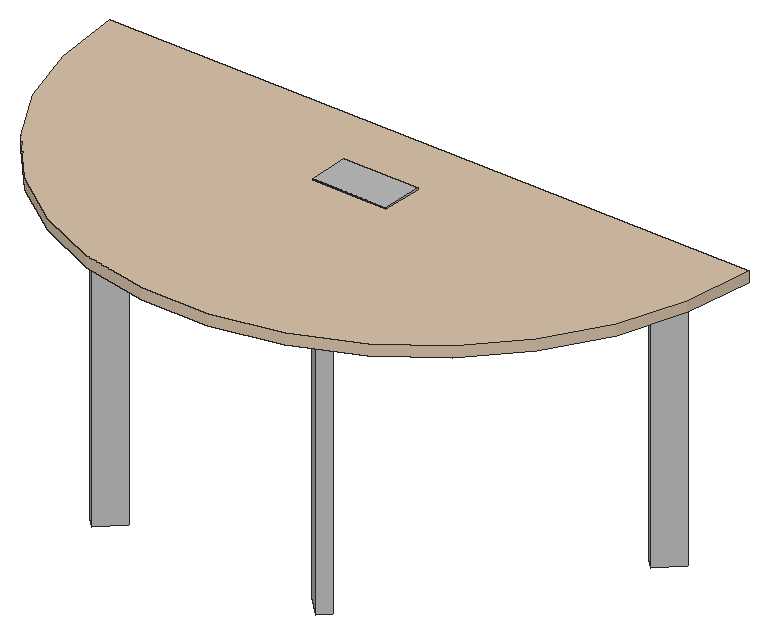
Revit family "Haworth_Planes_ConferenceTable_HalfRound", category Furniture Systems, Revit 2018
Family settings
  Round Connector Dimension = Use Diameter
  Part Type = Normal
  OmniClass Number = 23.40.70.14.64.21
  OmniClass Title = Systems Furniture
  Work Plane-Based = No
  Always vertical = Yes
  Cut with Voids When Loaded = No
  Shared = No
  Room Calculation Point = No
Parameters (values of type "72w 36d")
  Warranty = "http://www.haworth.com/resources/product-info/warranties"
  URL - Product = "https://www.haworth.com/products/tables/conference/planes"
  Table Finish [instance] = Haworth _ Laminate _ Maple H-AE
  Table Edge Finish [instance] = Haworth _ Laminate _ Maple H-AE
  Sustainability Info = "https://www.haworth.com/company-info/sustainability"
  Support Spacing Front = if(Large, 12", 9 1/2")  # 12"
  Opening Single Wide = no
  Opening Single = not(Opening Single Wide)  # yes
  Large = yes
  Knife Edge = not(Edgeband)  # no
  Flip Top Width = Cutout Width + 5/16"  # 8 5/16"
  Flip Top Finish = Haworth _ Paint _ Metallic Champagne
  Flip Top Depth = Cutout Depth + 7/16"  # 4 7/16"
  Edgeband = yes
  Model = "TAHN"  # constant formula
  Leg Finish [instance] = Haworth _ Paint _ Metallic Champagne
  Flip Top = yes
  Description = "Haworth - Planes Conference Table - Half-Round"  # constant formula
  Cutout Width = if(Opening Single Wide, 11", 8")  # 8"
  Cutout Depth = 4"  # constant formula
  Cutout Centerline = 9"  # constant formula
  Cutout = yes
  URL = "www.haworth.com"
  Table Thickness = 1 3/16"  # constant formula
  Support Spacing Back = 5"  # constant formula
  Size = "Verify Final Dim. w/ Haworth"  # constant formula
  Revision Number = "1"  # constant formula
  Min/Max Width = "60, 72 in."  # constant formula
  Min/Max Depth = "30, 36 in."  # constant formula
  Manufacturer = "Haworth"  # constant formula
  Leg Height = Actual Height - Table Thickness  # 27 13/16"
  Author = "Haworth (Alias)"  # constant formula
  Assembly Code = "E2020200"
  Actual Width = if(Large, 72", 60")  # 72"
  Actual Height = 29"  # constant formula
  Actual Depth = if(Large, 36", 30")  # 36"
Types (2): name | Sustainability Info | Support Spacing Front | Large | Actual Width | Actual Depth
  72w 36d | "https://www.haworth.com/company-info/sustainability" | 12" | yes | 72" | 36"
  60w 30d | "http://www.haworth.com/company-info/sustainablility" | 9 1/2" | no | 60" | 30"
Reference planes (in)
  plane 1 "Center F/B": y = 0
  plane 2: z = 0
  plane 3 "Center L/R": x = 0
  plane 4 "Table Edge Left": x = -36
  plane 5 "Table Edge Right": x = 36
  plane 6 "Table Edge Front": y = 18
  plane 7 "Table Edge Back": y = -18
  plane 8 "Table Leg Left": x = -31
  plane 9 "Table Leg Right": x = 31
  plane 10 "Top": z = 29
  plane 11: y = 9
  plane 12: x = -12
  plane 13: x = 12
  plane 14 "Leg Back": y = 13
  plane 15 "Leg Front": y = -12
Dimensions and locks (in)
  "Support Spacing Back": plane 4 "Table Edge Left" to plane 8 "Table Leg Left"
  "Support Spacing Back": plane 9 "Table Leg Right" to plane 5 "Table Edge Right"
  "Actual Width": plane 4 "Table Edge Left" to plane 5 "Table Edge Right"
  equal spacing: plane 4 "Table Edge Left", plane 3 "Center L/R", plane 5 "Table Edge Right"
  "Actual Depth": plane 6 "Table Edge Front" to plane 7 "Table Edge Back"
  equal spacing: plane 6 "Table Edge Front", plane 1 "Center F/B", plane 7 "Table Edge Back"
  "Actual Height": plane 10 "Top" to level
  "Cutout Centerline": plane 11 to plane 6 "Table Edge Front"
  "Support Spacing Front": plane 3 "Center L/R" to plane 13
  "Support Spacing Front": plane 12 to plane 3 "Center L/R"
  locked: plane 14 "Leg Back" to plane 6 "Table Edge Front" at 5
  locked: plane 15 "Leg Front" to plane 7 "Table Edge Back" at 6
  aligned and locked: plane 3 "Center L/R" to nested 1
  aligned and locked: plane 11 to nested 1
  aligned and locked: plane 2 to nested 2
  aligned and locked: nested 2 to plane 1 "Center F/B"
  aligned and locked: nested 2 to plane 3 "Center L/R"
  aligned and locked: nested 3 to plane 2
  aligned and locked: nested 4 to plane 2
  aligned and locked: nested 5 to plane 2
  aligned and locked: nested 6 to plane 2
  aligned and locked: plane 8 "Table Leg Left" to nested 3
  aligned and locked: nested 3 to plane 14 "Leg Back"
  aligned and locked: plane 9 "Table Leg Right" to nested 6
  aligned and locked: plane 14 "Leg Back" to nested 6
  aligned and locked: plane 13 to nested 5
  aligned and locked: plane 15 "Leg Front" to nested 5
  aligned and locked: nested 4 to plane 12
  aligned and locked: nested 4 to plane 15 "Leg Front"
  aligned and locked: plane 10 "Top" to nested 1
Nested families (in)
  nested 1: "Haworth_Worksurface_FlipTop_Unit_Part" at (-0.57037, 8.94751, 29), visible <- "Flip Top", type "Single Sided"
    with Actual Width 8 5/16", Actual Depth 4 7/16"
  nested 2: "Haworth_Planes_Conference_Worksurface_HalfRound_Part" at (0, 15, 0) x (-1, 0, 0) z (0, 0, 1), type "Worksurface"
    with Knife Edge no
  nested 3: "Haworth_Planes-Interior-Leg" at (-52.23931, 4.5, 0) x (0, 1, 0) z (0, 0, 1), type "Middle Support"
    with Support Post Standard no, Support Post 45 Degree yes
  nested 4: "Haworth_Planes-Interior-Leg" at (-20.5, 9.23931, 0), type "Middle Support"
    with Support Post Standard no, Support Post 45 Degree yes
  nested 5: "Haworth_Planes-Interior-Leg" at (-9.23931, -20.5, 0) x (0, 1, 0) z (0, 0, 1), type "Middle Support"
    with Support Post Standard no, Support Post 45 Degree yes
  nested 6: "Haworth_Planes-Interior-Leg" at (22.5, 34.23931, 0), type "Middle Support"
    with Support Post Standard no, Support Post 45 Degree yes
Definition of nested family "Haworth_Worksurface_FlipTop_Unit_Part"
  Parameters (values of type "Single Sided")
    Warranty = "www.haworth.com/en-us/Products/Pages/Certifications.aspx"
    URL - Product = "www.haworth.com/en-us/Products/Furniture/Systems/Desking-Systems/Pages/Compose.aspx"
    URL = "www.haworth.com"
    Sustainability Info = "www.haworth.com/en-us/About-Us/Sustainability/Pages/Vision.aspx"
    Size = "Verify Final Dim. w/ Haworth"  # constant formula
    Revision Number = "2"  # constant formula
    Model = "Haworth_Worksurface-Flip_Top_Unit"  # constant formula
    Manufacturer = "Haworth"  # constant formula
    LEED Data = "www.haworth.com/_layouts/Haworth.ProductCatalog/Handlers/GetAsset.ashx/ComposeLEEDContributions.pdf?cid=27&rid=1824&type=Leed"
    Flip Top Finish = none
    Description = "Haworth Worksurface-Flip Top Unit - Part"
    Default Elevation = 48"
    Author = "SHAPE Environments, LLC"  # constant formula
    Assembly Code = "E2020200"
    Actual Width = 8 1/4"
    Actual Depth = 4 3/8"
  Reference planes (in)
    plane 1 "Center F/B": y = 0.05249
    plane 2: z = 0
    plane 3 "Center L/R": x = 0.57037
    plane 4 "Back": y = 2.23999
    plane 5 "Right": x = 4.69537
    plane 6 "Front": y = -2.13501
    plane 7 "Left": x = -3.55463
    plane 8 "Table Height": z = 0
  Forms (in)
    Extrusion 1, solid, material <- "Flip Top Finish"
      sketch origin (0, 0, 0) x (-1, 0, 0) y (0, -1, 0)
        loop
          line (3.55463, -2.23999) -> (3.55463, 2.13501) -> (-4.69537, 2.13501) -> (-4.69537, -2.23999) -> (3.55463, -2.23999)
      from 0 to 0.125
    Extrusion 2, solid, material <- "Flip Top Finish"
      sketch origin (0, 0, 0) x (-1, 0, 0) y (0, -1, 0)
        loop
          line (3.42963, -2.05249) -> (3.42963, 1.94751) -> (-4.57037, 1.94751) -> (-4.57037, -2.05249) -> (3.42963, -2.05249)
      from 0 to -2.75
  Cuts and joins
    joined: Extrusion 1, Extrusion 2
  Lines and regions (in)
    Masking region 1
      outline origin (0, 0, 0) x (1, 0, 0) y (0, 1, 0)
        loop
          line (-3.55463, 2.23999) -> (-3.55463, -2.13501) -> (4.69537, -2.13501) -> (4.69537, 2.23999) -> (-3.55463, 2.23999)
  Dimensions and locks (in)
    equal spacing: plane 7 "Left", plane 3 "Center L/R", plane 5 "Right"
    "Actual Width": plane 7 "Left" to plane 5 "Right"
    equal spacing: plane 6 "Front", plane 1 "Center F/B", plane 4 "Back"
    "Actual Depth": plane 4 "Back" to plane 6 "Front"
    plane 7 "Left" to Extrusion 2 sketch curve = 1/8"
    plane 4 "Back" to Extrusion 2 sketch curve = 3/16"
    Extrusion 2 sketch curve to plane 5 "Right" = 1/8"
    Extrusion 2 sketch curve to plane 6 "Front" = 3/16"
    locked: plane 8 "Table Height" to level
    aligned and locked: plane 7 "Left" to Extrusion 1 sketch curve
    aligned and locked: Extrusion 1 sketch curve to plane 4 "Back"
    aligned and locked: plane 6 "Front" to Extrusion 1 sketch curve
    aligned and locked: Extrusion 1 sketch curve to plane 5 "Right"
    aligned and locked: Masking region 1 sketch curve to cut or joined group of Extrusion 1, Extrusion 2  (x3)
    aligned and locked: cut or joined group of Extrusion 1, Extrusion 2 to Masking region 1 sketch curve
Definition of nested family "Haworth_Planes_Conference_Worksurface_HalfRound_Part"
  Parameters (values of type "Worksurface")
    Warranty = "https://www.haworth.com/resources/product-info/warranties"
    URL - Product = "https://www.haworth.com/products/tables/conference/planes"
    URL = "www.haworth.com"
    Table Thickness = 1 3/16"
    Table Finish = none
    Table Edge Finish = none
    Revision Number = ""
    Note = "Verify Final Dim. w/ Haworth"  # constant formula
    Model = "Haworth Planes"  # constant formula
    Manufacturer = "Haworth"  # constant formula
    Knife Edge = yes
    Edgeband = yes
    Cutout Width = 8"
    Cutout Dimension = if(Cutout, 3", 1")  # 3"
    Cutout Depth = 4"
    Cutout Centerline = 9"
    Cutout = yes
    Author = "SHAPE Environments, LLC"  # constant formula
    Assembly Code = ""
    Actual Width = 72"
    Actual Height = 29"
    Actual Depth = 36"
  Reference planes (in)
    plane 1 "Center F/B": y = 15
    plane 2 "Bottom": z = 0
    plane 3 "Center L/R": x = 0
    plane 4 "Table Front": y = 33
    plane 5 "Table Right": x = 36
    plane 6 "Table Left": x = -36
    plane 7 "Table Back": y = -3
    plane 8 "Table Top": z = 29
    plane 9 "Table Bottom": z = 27.8125
    plane 10: y = 6
    plane 11: z = 27
    plane 12: z = 30
    plane 13 "KnifeEdge Middle": z = 28.625
  Forms (in)
    Extrusion 1, solid, material <- "Table Finish", visible <- "Edgeband"
      sketch origin (0, 0, 0) x (1, 0, 0) y (0, 1, 0)
        loop
          arc (36, -3) -> (0, 33) -> (-36, -3) r 36
          line (-36, -3) -> (36, -3)
      from 27.8125 to 29
    Extrusion 2, void
      sketch origin (0, 0, 29) x (-1, 0, 0) y (0, -1, 0)
        loop
          line (4, -8) -> (4, -4) -> (-4, -4) -> (-4, -8) -> (4, -8)
      from -2 to 1
    Extrusion 3, solid, material <- "Table Finish", visible <- "Knife Edge"
      sketch origin (0, 0, 0) x (1, 0, 0) y (0, 1, 0)
        loop
          arc (36, -3) -> (0, 33) -> (-36, -3) r 36
          line (-36, -3) -> (36, -3)
      from 28.625 to 29
    Blend 4, solid, material <- "Table Finish", visible <- "Knife Edge"
      base sketch origin (0, 0, 0) x (1, 0, 0) y (0, 1, 0)
        loop
          arc (33.94113, -1) -> (0, 31) -> (-33.94113, -1) r 34
          line (-33.94113, -1) -> (33.94113, -1)
      top sketch origin (0, 0, 0) x (1, 0, 0) y (0, 1, 0)
        loop
          arc (36, -3) -> (0, 33) -> (-36, -3) r 36
          line (-36, -3) -> (36, -3)
      from 27.8125 to 28.625
  Cuts and joins
    Extrusion 2 cuts Extrusion 1
    Extrusion 2 cuts Extrusion 3
    Extrusion 2 cuts Blend 4
  Lines and regions (in)
    Masking region 1
      outline origin (0, 0, 0) x (1, 0, 0) y (0, 1, 0)
        loop
          arc (36, -3) -> (0, 33) -> (-36, -3) r 36
          line (-36, -3) -> (36, -3)
    symbolic lines, visible <- "Cutout"
      curve 1: line (-4, 4, 0) -> (4, 4, 0)
      curve 2: line (4, 4, 0) -> (4, 8, 0)
      curve 3: line (4, 8, 0) -> (-4, 8, 0)
      curve 4: line (-4, 8, 0) -> (-4, 4, 0)
    symbolic lines, visible <- "Knife Edge", detail levels medium+fine
      curve 5: arc (-33.94113, -1, 0) -> (0, 31, 0) -> (33.94113, -1, 0) r 34
      curve 6: line (33.94113, -1, 0) -> (-33.94113, -1, 0)
  Dimensions and locks (in)
    "Actual Depth": plane 7 "Table Back" to plane 4 "Table Front"
    "Actual Width": plane 6 "Table Left" to plane 5 "Table Right"
    equal spacing: plane 6 "Table Left", plane 3 "Center L/R", plane 5 "Table Right"
    equal spacing: plane 4 "Table Front", plane 1 "Center F/B", plane 7 "Table Back"
    "Table Thickness": plane 8 "Table Top" to plane 9 "Table Bottom"
    "Actual Height": plane 8 "Table Top" to level
    "Cutout Centerline": plane 10 to plane 7 "Table Back"
    equal spacing: Extrusion 2 sketch curve, plane 3 "Center L/R", Extrusion 2 sketch curve
    "Cutout Width": Extrusion 2 sketch curve to Extrusion 2 sketch curve
    equal spacing: Extrusion 2 sketch curve, plane 10, Extrusion 2 sketch curve
    "Cutout Depth": Extrusion 2 sketch curve to Extrusion 2 sketch curve
    locked: plane 12 to plane 8 "Table Top" at 1
    "Cutout Dimension": plane 12 to plane 11
    locked: plane 8 "Table Top" to plane 13 "KnifeEdge Middle" at 0.375
    locked: plane 7 "Table Back" to Blend 4 sketch curve at 2
    locked: plane 4 "Table Front" to Blend 4 sketch curve at 2
    "Actual Depth": radius of Extrusion 1 sketch curve
    "Actual Depth": radius of Extrusion 3 sketch curve
    aligned and locked: plane 8 "Table Top" to Extrusion 1
    aligned and locked: Extrusion 1 to plane 9 "Table Bottom"
    aligned and locked: Extrusion 1 sketch curve to plane 7 "Table Back"
    aligned and locked: plane 3 "Center L/R" to Extrusion 1 sketch curve
    aligned and locked: Extrusion 2 to plane 11
    aligned and locked: plane 12 to Extrusion 2
    aligned and locked: curve 2 to Extrusion 2
    aligned and locked: curve 1 to Extrusion 2
    aligned and locked: curve 4 to Extrusion 2
    aligned and locked: curve 3 to Extrusion 2
    aligned and locked: Masking region 1 sketch curve to cut or joined group of Extrusion 1, Extrusion 2  (x2)
    aligned and locked: plane 8 "Table Top" to Extrusion 3
    aligned and locked: plane 13 "KnifeEdge Middle" to Extrusion 3
    aligned and locked: Blend 4 sketch curve to plane 7 "Table Back"
    aligned and locked: Blend 4 to plane 13 "KnifeEdge Middle"
    aligned and locked: Blend 4 to plane 9 "Table Bottom"
    aligned and locked: curve 5 to cut or joined group of Extrusion 2, Blend 4
    aligned and locked: curve 6 to cut or joined group of Extrusion 2, Blend 4
  Automatic sketch dimensions
    plane 3 "Center L/R" to Extrusion 2 sketch curve = 4"
    plane 10 to Extrusion 2 sketch curve = 2"
    Extrusion 3 sketch curve to plane 6 "Table Left" = 0"
    Extrusion 3 sketch curve to plane 7 "Table Back" = 0"
    Blend 4 sketch curve to plane 3 "Center L/R" = 0"  (x2)
    plane 7 "Table Back" to Blend 4 sketch curve = 0"
    plane 6 "Table Left" to Blend 4 sketch curve = 2.05887"
    Blend 4 sketch curve to plane 6 "Table Left" = 0"
Definition of nested family "Haworth_Planes-Interior-Leg"
  Parameters (values of type "Middle Support")
    Top Thickness = 1 3/16"
    Support Post Standard = yes
    Support Post 45 Degree = no
    Support Height = Actual Height - Top Thickness  # 27 13/16"
    Model = "Worksurface"
    Worksurface Height = 29"
    Warranty = "www.haworth.com/en-us/Products/Pages/Certifications.aspx"
    URL - Product = "www.haworth.com/en-us/Products/Furniture/Systems/Desking-Systems/Pages/Compose.aspx"
    URL = "www.haworth.com"
    Sustainability Info = "www.haworth.com/en-us/About-Us/Sustainability/Pages/Vision.aspx"
    Support Finish = none
    Size = "Verify Final Dim. w/ Haworth"  # constant formula
    Revision Number = "1"  # constant formula
    Min/Max Height = "26-32 in."  # constant formula
    Min. Height = 20"  # constant formula
    Max. Height = 48"  # constant formula
    Manufacturer = "Haworth"  # constant formula
    LEED Data = "www.haworth.com/_layouts/Haworth.ProductCatalog/Handlers/GetAsset.ashx/ComposeLEEDContributions.pdf?cid=27&rid=1824&type=Leed"
    Description = "Worksurface Support"  # constant formula
    Author = "SHAPE Environments, LLC"  # constant formula
    Assembly Code = "E2020200"
    Actual Top Thickness = if(Top Thickness > 3", 3", if(Top Thickness < 1", 1", Top Thickness))  # 1 3/16"
    Actual Height = 29"
  Reference planes (in)
    plane 1: z = 0
    plane 2 "Center L/R": x = 8.5
    plane 3 "Support Top": z = 27.8125
    plane 4 "Center F/B": y = -21.23931
  Forms (in)
    Extrusion 1, solid, material <- "Support Finish", visible <- "Support Post Standard"
      sketch origin (0, 0, 0) x (1, 0, 0) y (0, 1, 0)
        loop
          line (7.75, -22.86431) -> (9.25, -22.86431) -> (9.25, -19.61431) -> (7.75, -19.61431) -> (7.75, -22.86431)
      from 0 to 27.8125
    Extrusion 2, solid, material <- "Support Finish", visible <- "Support Post 45 Degree"
      sketch origin (17.50805, -0.21044, 0) x (0.707107, -0.707107, 0) y (0.707107, 0.707107, 0)
        loop
          line (7.75, -22.86431) -> (9.25, -22.86431) -> (9.25, -19.61431) -> (7.75, -19.61431) -> (7.75, -22.86431)
      from 0 to 27.8125
  Lines and regions (in)
    symbolic lines, visible <- "Support Post Standard", detail levels fine
      curve 1: line (7.75, -19.61431, 0) -> (9.25, -19.61431, 0)
      curve 2: line (7.75, -22.86431, 0) -> (7.75, -19.61431, 0)
      curve 3: line (9.25, -22.86431, 0) -> (7.75, -22.86431, 0)
      curve 4: line (9.25, -19.61431, 0) -> (9.25, -22.86431, 0)
    symbolic lines, visible <- "Support Post 45 Degree", detail levels fine
      curve 5: line (6.82062, -21.85803, 0) -> (9.11872, -19.55993, 0)
      curve 6: line (9.11872, -19.55993, 0) -> (10.17938, -20.62059, 0)
      curve 7: line (10.17938, -20.62059, 0) -> (7.88128, -22.91869, 0)
      curve 8: line (7.88128, -22.91869, 0) -> (6.82062, -21.85803, 0)
  Dimensions and locks (in)
    "Support Height": plane 3 "Support Top" to level
    aligned and locked: plane 3 "Support Top" to Extrusion 1
    aligned and locked: plane 3 "Support Top" to Extrusion 2
  Automatic sketch dimensions
    Extrusion 1 sketch curve to plane 4 "Center F/B" = 1 5/8"
    plane 2 "Center L/R" to Extrusion 1 sketch curve = 3/4"
    Extrusion 1 sketch curve to plane 2 "Center L/R" = 3/4"
    plane 4 "Center F/B" to Extrusion 1 sketch curve = 1 5/8"
    plane 2 "Center L/R" to Extrusion 2 sketch curve = 0.61872"
    Extrusion 2 sketch curve to plane 4 "Center F/B" = 1.67938"
    Extrusion 2 sketch curve to Extrusion 2 sketch curve = 1 1/2"
    Extrusion 2 sketch curve to Extrusion 2 sketch curve = 3 1/4"
    plane 4 "Center F/B" to curve 5 = 0.61872"
    curve 2 to plane 2 "Center L/R" = 3/4"
    curve 2 to curve 7 = 0.13128"
    plane 2 "Center L/R" to curve 6 = 0.61872"
    curve 5 to curve 4 = 0.13128"
    curve 6 to plane 4 "Center F/B" = 0.61872"
    curve 1 to curve 6 = 0.92938"
    curve 7 to curve 2 = 0.05438"
    curve 1 to curve 5 = 0.05438"
